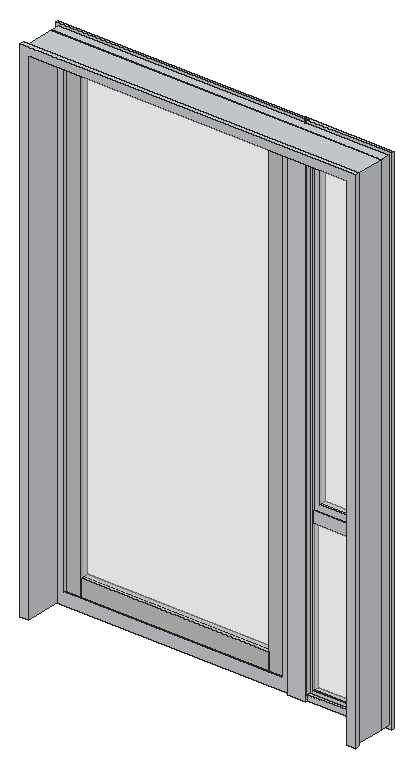
Revit family "APL Residential Thermal Heart Hinged Door with Sidelight", category Doors, host Wall, Revit 2017 (continued)
Definition of nested family "APL Residential Thermal Heart Sidelight Vertical Section"
  Definition of nested family "Sash Mullion-Transom"
    Definition of nested family "65100_Mullion&Transom"
      Lines and regions (mm)
        detail lines, in view "Ref. Level"
          curve 11: line (3.5, -27.5, 0) -> (4.5, -27.5, 0)
          curve 12: line (4.5, -27.5, 0) -> (4.5, -23, 0)
          curve 13: line (4.5, -23, 0) -> (3.5, -23, 0)
          curve 14: line (3.5, -23, 0) -> (3.5, -24.25, 0)
          curve 15: line (3.5, -24.25, 0) -> (2.208, -24.25, 0)
          curve 16: line (2.208, -24.25, 0) -> (0.482, -20.144, 0)
          curve 329: arc (0.482, 30.356, 0) -> (0.172, 30.496, 0) -> (0.009, 30.197, 0) r 0.25
          curve 330: arc (0.036, 20.309, 0) -> (0.198, 20.009, 0) -> (0.508, 20.149, 0) r 0.25
          curve 331: line (0.009, 30.197, 0) -> (1.003, 26.329, 0)
          curve 332: line (1.003, 26.329, 0) -> (0, 25.75, 0)
          curve 333: line (0, 25.75, 0) -> (0, 24.75, 0)
          curve 334: line (0, 24.75, 0) -> (1.025, 24.158, 0)
          curve 335: line (1.025, 24.158, 0) -> (0.036, 20.309, 0)
          curve 336: line (0.508, 20.149, 0) -> (2.232, 24.25, 0)
          curve 337: line (2.232, 24.25, 0) -> (3.5, 24.25, 0)
          curve 338: line (3.5, 24.25, 0) -> (3.5, 23, 0)
          curve 339: line (3.5, 23, 0) -> (4.5, 23, 0)
          curve 340: line (4.5, 23, 0) -> (4.5, 27.5, 0)
          curve 341: line (4.5, 27.5, 0) -> (3.5, 27.5, 0)
          curve 342: line (3.5, 27.5, 0) -> (3.5, 26.25, 0)
          curve 343: line (3.5, 26.25, 0) -> (2.208, 26.25, 0)
          curve 344: line (2.208, 26.25, 0) -> (0.482, 30.356, 0)
        detail lines, in view "Ref. Level", not visible
          curve 17: arc (33.161, -9.933, 0) -> (32.851, -9.793, 0) -> (32.689, -10.092, 0) r 0.25
          curve 18: arc (32.715, -19.98, 0) -> (32.877, -20.279, 0) -> (33.188, -20.139, 0) r 0.25
          curve 19: line (32.689, -10.092, 0) -> (33.683, -13.959, 0)
          curve 20: line (33.683, -13.959, 0) -> (32.679, -14.539, 0)
          curve 21: line (32.679, -14.539, 0) -> (32.679, -15.539, 0)
          curve 22: line (32.679, -15.539, 0) -> (33.705, -16.131, 0)
          curve 23: line (33.705, -16.131, 0) -> (32.715, -19.98, 0)
          curve 24: line (33.188, -20.139, 0) -> (34.912, -16.039, 0)
          curve 25: line (34.912, -16.039, 0) -> (36.179, -16.039, 0)
          curve 26: line (36.179, -16.039, 0) -> (36.179, -17.289, 0)
          curve 27: line (36.179, -17.289, 0) -> (37.179, -17.289, 0)
          curve 28: line (37.179, -17.289, 0) -> (37.179, -12.789, 0)
          curve 29: line (37.179, -12.789, 0) -> (36.179, -12.789, 0)
          curve 30: line (36.179, -12.789, 0) -> (36.179, -14.039, 0)
          curve 31: line (36.179, -14.039, 0) -> (34.887, -14.039, 0)
          curve 32: line (34.887, -14.039, 0) -> (33.161, -9.933, 0)
        model lines, in view "Ref. Level"
          curve 33: arc (-15.3, 2.874, 0) -> (-15.218, 2.477, 0) -> (-14.985, 2.146, 0) r 1
          curve 34: arc (-14.733, 1.893, 0) -> (-14.408, 1.676, 0) -> (-14.026, 1.6, 0) r 1
          curve 35: arc (-14.026, -1.6, 0) -> (-14.408, -1.676, 0) -> (-14.733, -1.893, 0) r 1
          curve 36: arc (-14.985, -2.146, 0) -> (-15.218, -2.477, 0) -> (-15.3, -2.874, 0) r 1
          curve 37: arc (-15.3, -4.45, 0) -> (-15.172, -4.668, 0) -> (-14.92, -4.663, 0) r 0.25
          curve 38: arc (-14.834, -4.611, 0) -> (-14.728, -4.479, 0) -> (-14.731, -4.309, 0) r 0.25
          curve 39: arc (-13.477, -3.544, 0) -> (-13.402, -3.511, 0) -> (-13.321, -3.5, 0) r 0.3
          curve 40: arc (-12.8, -3.5, 0) -> (-12.642, -3.578, 0) -> (-12.606, -3.75, 0) r 0.2
          curve 41: arc (-12.8, -7.753, 0) -> (-12.774, -7.875, 0) -> (-12.7, -7.976, 0) r 0.3
          curve 42: arc (-12.7, -7.976, 0) -> (-12.62, -8.307, 0) -> (-12.9, -8.5, 0) r 0.3
          curve 43: arc (-15.121, -7.957, 0) -> (-15.21, -7.905, 0) -> (-15.262, -7.816, 0) r 0.2
          curve 44: arc (-15.307, -7.648, 0) -> (-15.448, -7.507, 0) -> (-15.641, -7.559, 0) r 0.2
          curve 45: arc (-16.005, -7.922, 0) -> (-16.065, -8.008, 0) -> (-16.092, -8.108, 0) r 0.3
          curve 46: arc (-16.299, -10.474, 0) -> (-16.183, -10.738, 0) -> (-15.897, -10.782, 0) r 0.3
          curve 47: arc (-14.487, -10.268, 0) -> (-14.361, -10.181, 0) -> (-14.295, -10.043, 0) r 0.3
          curve 48: arc (-14.295, -10.043, 0) -> (-14.022, -9.801, 0) -> (-13.717, -10, 0) r 0.3
          curve 49: arc (4.1, -10, 0) -> (4.241, -10.059, 0) -> (4.3, -10.2, 0) r 0.2
          curve 50: arc (3.201, -21.5, 0) -> (2.493, -21.793, 0) -> (2.2, -22.5, 0) r 1
          curve 51: arc (2.2, -23.25, 0) -> (2.7, -23.751, 0) -> (3.2, -23.25, 0) r 0.5
          curve 52: arc (3.2, -27.251, 0) -> (2.7, -26.751, 0) -> (2.2, -27.251, 0) r 0.5
          curve 53: arc (2.2, -28.801, 0) -> (2.259, -28.942, 0) -> (2.4, -29, 0) r 0.2
          curve 54: arc (5.5, -29, 0) -> (5.641, -28.941, 0) -> (5.7, -28.8, 0) r 0.2
          curve 55: arc (5.7, 28.8, 0) -> (5.641, 28.942, 0) -> (5.5, 29, 0) r 0.2
          curve 56: arc (2.4, 29, 0) -> (2.259, 28.941, 0) -> (2.2, 28.8, 0) r 0.2
          curve 57: arc (2.2, 27.25, 0) -> (2.7, 26.749, 0) -> (3.2, 27.25, 0) r 0.5
          curve 58: arc (3.2, 23.25, 0) -> (2.7, 23.749, 0) -> (2.2, 23.25, 0) r 0.5
          curve 59: arc (2.2, 22.501, 0) -> (2.492, 21.793, 0) -> (3.2, 21.5, 0) r 1
          curve 60: arc (4.3, 10.2, 0) -> (4.241, 10.059, 0) -> (4.1, 10, 0) r 0.2
          curve 61: arc (-13.717, 10, 0) -> (-14.022, 9.801, 0) -> (-14.295, 10.043, 0) r 0.3
          curve 62: arc (-14.295, 10.043, 0) -> (-14.361, 10.181, 0) -> (-14.487, 10.268, 0) r 0.3
          curve 63: arc (-15.897, 10.782, 0) -> (-16.183, 10.738, 0) -> (-16.299, 10.474, 0) r 0.3
          curve 64: arc (-16.092, 8.108, 0) -> (-16.065, 8.008, 0) -> (-16.005, 7.922, 0) r 0.3
          curve 65: arc (-15.641, 7.559, 0) -> (-15.448, 7.507, 0) -> (-15.307, 7.648, 0) r 0.2
          curve 66: arc (-15.262, 7.816, 0) -> (-15.21, 7.905, 0) -> (-15.121, 7.957, 0) r 0.2
          curve 67: arc (-12.9, 8.5, 0) -> (-12.62, 8.307, 0) -> (-12.7, 7.976, 0) r 0.3
          curve 68: arc (-12.7, 7.976, 0) -> (-12.774, 7.875, 0) -> (-12.8, 7.753, 0) r 0.3
          curve 69: arc (-12.606, 3.75, 0) -> (-12.642, 3.578, 0) -> (-12.8, 3.5, 0) r 0.2
          curve 70: arc (-13.321, 3.5, 0) -> (-13.402, 3.511, 0) -> (-13.477, 3.544, 0) r 0.3
          curve 71: arc (-14.731, 4.309, 0) -> (-14.728, 4.479, 0) -> (-14.834, 4.611, 0) r 0.25
          curve 72: arc (-14.92, 4.663, 0) -> (-15.172, 4.668, 0) -> (-15.3, 4.45, 0) r 0.25
          curve 73: arc (-4.016, 4.146, 0) -> (-5.077, 4.139, 0) -> (-5.084, 5.2, 0) r 0.75
          curve 74: arc (-5.084, 5.2, 0) -> (-4.55, 6.5, 0) -> (-5.084, 7.8, 0) r 1.85
          curve 75: arc (-5.084, 7.8, 0) -> (-5.194, 7.942, 0) -> (-5.267, 8.107, 0) r 0.75
          curve 76: arc (-5.267, 8.107, 0) -> (-5.37, 8.291, 0) -> (-5.54, 8.416, 0) r 0.5
          curve 77: arc (-5.54, 8.416, 0) -> (-6.4, 8.6, 0) -> (-7.26, 8.416, 0) r 2.1
          curve 78: arc (-7.26, 8.416, 0) -> (-7.43, 8.291, 0) -> (-7.533, 8.107, 0) r 0.5
          curve 79: arc (-7.533, 8.107, 0) -> (-7.606, 7.942, 0) -> (-7.716, 7.8, 0) r 0.75
          curve 80: arc (-7.716, 7.8, 0) -> (-8.25, 6.5, 0) -> (-7.716, 5.2, 0) r 1.85
          curve 81: arc (-7.716, 5.2, 0) -> (-7.723, 4.139, 0) -> (-8.784, 4.146, 0) r 0.75
          curve 82: arc (-8.784, 4.146, 0) -> (-9.231, 4.709, 0) -> (-9.548, 5.354, 0) r 3.35
          curve 83: arc (-10.124, 6.937, 0) -> (-10.569, 7.194, 0) -> (-10.9, 6.8, 0) r 0.4
          curve 84: arc (-10.9, -6.8, 0) -> (-10.569, -7.194, 0) -> (-10.124, -6.937, 0) r 0.4
          curve 85: arc (-9.548, -5.354, 0) -> (-9.231, -4.709, 0) -> (-8.784, -4.146, 0) r 3.35
          curve 86: arc (-8.784, -4.146, 0) -> (-7.723, -4.139, 0) -> (-7.716, -5.2, 0) r 0.75
          curve 87: arc (-7.716, -5.2, 0) -> (-8.25, -6.5, 0) -> (-7.716, -7.8, 0) r 1.85
          curve 88: arc (-7.716, -7.8, 0) -> (-7.606, -7.942, 0) -> (-7.533, -8.107, 0) r 0.75
          curve 89: arc (-7.533, -8.107, 0) -> (-7.43, -8.291, 0) -> (-7.26, -8.416, 0) r 0.5
          curve 90: arc (-7.26, -8.416, 0) -> (-6.4, -8.6, 0) -> (-5.54, -8.416, 0) r 2.1
          curve 91: arc (-5.54, -8.416, 0) -> (-5.37, -8.291, 0) -> (-5.267, -8.107, 0) r 0.5
          curve 92: arc (-5.267, -8.107, 0) -> (-5.194, -7.942, 0) -> (-5.084, -7.8, 0) r 0.75
          curve 93: arc (-5.084, -7.8, 0) -> (-4.55, -6.5, 0) -> (-5.084, -5.2, 0) r 1.85
          curve 94: arc (-5.084, -5.2, 0) -> (-5.077, -4.139, 0) -> (-4.016, -4.146, 0) r 0.75
          curve 95: arc (-4.016, -4.146, 0) -> (-3.101, -5.916, 0) -> (-3.353, -7.892, 0) r 3.35
          curve 96: arc (-3.353, -7.892, 0) -> (-3.319, -8.37, 0) -> (-2.898, -8.6, 0) r 0.5
          curve 97: arc (3.8, -8.6, 0) -> (4.154, -8.454, 0) -> (4.3, -8.1, 0) r 0.5
          curve 98: arc (4.3, 8.1, 0) -> (4.154, 8.454, 0) -> (3.8, 8.6, 0) r 0.5
          curve 99: line (-15.3, 4.45, 0) -> (-15.3, 2.874, 0)
          curve 100: line (-14.97, 2.13, 0) -> (-14.733, 1.893, 0)
          curve 101: line (-14.026, 1.6, 0) -> (-12.8, 1.6, 0)
          curve 102: line (-12.8, 1.6, 0) -> (-12.8, -1.6, 0)
          curve 103: line (-12.8, -1.6, 0) -> (-14.026, -1.6, 0)
          curve 104: line (-14.733, -1.893, 0) -> (-14.97, -2.13, 0)
          curve 105: line (-15.3, -2.874, 0) -> (-15.3, -4.45, 0)
          curve 106: line (-14.731, -4.309, 0) -> (-13.477, -3.544, 0)
          curve 107: line (-13.477, -3.544, 0) -> (-12.8, -3.5, 0)
          curve 108: line (-12.606, -3.75, 0) -> (-12.794, -4.475, 0)
          curve 109: line (-12.794, -4.475, 0) -> (-12.8, -7.753, 0)
          curve 110: line (-13.054, -8.5, 0) -> (-15.121, -7.957, 0)
          curve 111: line (-15.121, -7.957, 0) -> (-15.307, -7.648, 0)
          curve 112: line (-15.641, -7.559, 0) -> (-16.005, -7.922, 0)
          curve 113: line (-16.092, -8.108, 0) -> (-16.299, -10.474, 0)
          curve 114: line (-15.897, -10.782, 0) -> (-14.487, -10.268, 0)
          curve 115: line (-13.717, -10, 0) -> (-6.8, -10, 0)
          curve 116: line (-6.8, -10, 0) -> (-6.4, -9.6, 0)
          curve 117: line (-6.4, -9.6, 0) -> (-6, -10, 0)
          curve 118: line (-6, -10, 0) -> (4.1, -10, 0)
          curve 119: line (4.3, -10.2, 0) -> (4.3, -21.5, 0)
          curve 120: line (4.3, -21.5, 0) -> (3.201, -21.5, 0)
          curve 121: line (2.2, -22.5, 0) -> (2.2, -23.25, 0)
          curve 122: line (3.2, -23.25, 0) -> (3.2, -22.5, 0)
          curve 123: line (3.2, -22.5, 0) -> (4.7, -22.5, 0)
          curve 124: line (4.7, -22.5, 0) -> (4.7, -28, 0)
          curve 125: line (4.7, -28, 0) -> (3.2, -28, 0)
          curve 126: line (3.2, -28, 0) -> (3.2, -27.251, 0)
          curve 127: line (2.2, -27.251, 0) -> (2.2, -28.801, 0)
          curve 128: line (2.4, -29, 0) -> (5.5, -29, 0)
          curve 129: line (5.7, -28.8, 0) -> (5.7, 28.8, 0)
          curve 130: line (5.5, 29, 0) -> (2.4, 29, 0)
          curve 131: line (2.2, 28.8, 0) -> (2.2, 27.25, 0)
          curve 132: line (3.2, 27.25, 0) -> (3.2, 28, 0)
          curve 133: line (3.2, 28, 0) -> (4.7, 28, 0)
          curve 134: line (4.7, 28, 0) -> (4.7, 22.5, 0)
          curve 135: line (4.7, 22.5, 0) -> (3.2, 22.5, 0)
          curve 136: line (3.2, 22.5, 0) -> (3.2, 23.25, 0)
          curve 137: line (2.2, 23.25, 0) -> (2.2, 22.501, 0)
          curve 138: line (3.2, 21.5, 0) -> (4.3, 21.5, 0)
          curve 139: line (4.3, 21.5, 0) -> (4.3, 10.2, 0)
          curve 140: line (4.1, 10, 0) -> (-6, 10, 0)
          curve 141: line (-6, 10, 0) -> (-6.4, 9.6, 0)
          curve 142: line (-6.4, 9.6, 0) -> (-6.8, 10, 0)
          curve 143: line (-6.8, 10, 0) -> (-13.717, 10, 0)
          curve 144: line (-14.487, 10.268, 0) -> (-15.897, 10.782, 0)
          curve 145: line (-16.299, 10.474, 0) -> (-16.092, 8.108, 0)
          curve 146: line (-16.005, 7.922, 0) -> (-15.641, 7.559, 0)
          curve 147: line (-15.307, 7.648, 0) -> (-15.262, 7.816, 0)
          curve 148: line (-15.262, 7.816, 0) -> (-13.132, 8.49, 0)
          curve 149: line (-13.132, 8.49, 0) -> (-12.9, 8.5, 0)
          curve 150: line (-12.8, 7.753, 0) -> (-12.8, 4.525, 0)
          curve 151: line (-12.8, 4.525, 0) -> (-12.606, 3.75, 0)
          curve 152: line (-12.8, 3.5, 0) -> (-13.321, 3.5, 0)
          curve 153: line (-13.321, 3.5, 0) -> (-14.731, 4.309, 0)
          curve 154: line (-9.548, 5.354, 0) -> (-10.124, 6.937, 0)
          curve 155: line (-10.9, 6.8, 0) -> (-10.9, -6.8, 0)
          curve 156: line (-10.124, -6.937, 0) -> (-9.548, -5.354, 0)
          curve 157: line (-2.898, -8.6, 0) -> (3.8, -8.6, 0)
          curve 158: line (4.3, -8.1, 0) -> (4.3, 8.1, 0)
          curve 159: line (3.8, 8.6, 0) -> (-2.898, 8.6, 0)
          curve 160: arc (-2.898, 8.6, 0) -> (-3.319, 8.37, 0) -> (-3.353, 7.892, 0) r 0.5
          curve 161: arc (-3.353, 7.892, 0) -> (-3.101, 5.916, 0) -> (-4.016, 4.146, 0) r 3.35
          curve 162: arc (-40.3, -9.8, 0) -> (-40.241, -9.941, 0) -> (-40.1, -10, 0) r 0.2
          curve 163: arc (-38.635, -9.621, 0) -> (-38.571, -9.522, 0) -> (-38.575, -9.403, 0) r 0.2
          curve 164: arc (-38.575, -9.403, 0) -> (-38.679, -9.234, 0) -> (-38.847, -9.127, 0) r 0.45
          curve 165: arc (-38.847, -9.127, 0) -> (-38.943, -9.052, 0) -> (-38.978, -8.935, 0) r 0.2
          curve 166: arc (-38.837, -1.98, 0) -> (-38.537, -1.286, 0) -> (-37.837, -1, 0) r 1
          curve 167: arc (-30.5, -1, 0) -> (-29.793, -1.293, 0) -> (-29.5, -2, 0) r 1
          curve 168: arc (-29.5, -8.173, 0) -> (-29.527, -8.272, 0) -> (-29.6, -8.345, 0) r 0.2
          curve 169: arc (-30.7, -8.98, 0) -> (-30.92, -9.2, 0) -> (-31, -9.5, 0) r 0.6
          curve 170: arc (-31, -9.8, 0) -> (-30.941, -9.942, 0) -> (-30.8, -10, 0) r 0.2
          curve 171: arc (-26.683, -10, 0) -> (-26.378, -9.801, 0) -> (-26.105, -10.043, 0) r 0.3
          curve 172: arc (-26.105, -10.043, 0) -> (-26.039, -10.181, 0) -> (-25.913, -10.268, 0) r 0.3
          curve 173: arc (-24.503, -10.782, 0) -> (-24.217, -10.738, 0) -> (-24.101, -10.474, 0) r 0.3
          curve 174: arc (-24.308, -8.108, 0) -> (-24.335, -8.008, 0) -> (-24.395, -7.922, 0) r 0.3
          curve 175: arc (-24.759, -7.559, 0) -> (-24.952, -7.507, 0) -> (-25.093, -7.648, 0) r 0.2
          curve 176: arc (-25.138, -7.816, 0) -> (-25.19, -7.905, 0) -> (-25.279, -7.957, 0) r 0.2
          curve 177: arc (-27.5, -8.5, 0) -> (-27.78, -8.307, 0) -> (-27.7, -7.976, 0) r 0.3
          curve 178: arc (-27.7, -7.976, 0) -> (-27.626, -7.875, 0) -> (-27.6, -7.753, 0) r 0.3
          curve 179: arc (-27.794, -3.75, 0) -> (-27.758, -3.578, 0) -> (-27.6, -3.5, 0) r 0.2
          curve 180: arc (-27.079, -3.5, 0) -> (-26.998, -3.511, 0) -> (-26.923, -3.544, 0) r 0.3
          curve 181: arc (-25.669, -4.309, 0) -> (-25.672, -4.479, 0) -> (-25.566, -4.611, 0) r 0.25
          curve 182: arc (-25.48, -4.663, 0) -> (-25.228, -4.668, 0) -> (-25.1, -4.45, 0) r 0.25
          curve 183: arc (-25.1, -2.874, 0) -> (-25.182, -2.477, 0) -> (-25.415, -2.146, 0) r 1
          curve 184: arc (-25.667, -1.893, 0) -> (-25.992, -1.676, 0) -> (-26.374, -1.6, 0) r 1
          curve 185: arc (-26.377, 1.6, 0) -> (-25.993, 1.676, 0) -> (-25.667, 1.893, 0) r 1
          curve 186: arc (-25.415, 2.146, 0) -> (-25.182, 2.477, 0) -> (-25.1, 2.874, 0) r 1
          curve 187: arc (-25.1, 4.45, 0) -> (-25.227, 4.668, 0) -> (-25.48, 4.663, 0) r 0.25
          curve 188: arc (-25.566, 4.611, 0) -> (-25.672, 4.479, 0) -> (-25.669, 4.309, 0) r 0.25
          curve 189: arc (-26.923, 3.544, 0) -> (-26.998, 3.511, 0) -> (-27.079, 3.5, 0) r 0.3
          curve 190: arc (-27.6, 3.5, 0) -> (-27.758, 3.578, 0) -> (-27.794, 3.75, 0) r 0.2
          curve 191: arc (-27.6, 7.753, 0) -> (-27.626, 7.875, 0) -> (-27.7, 7.976, 0) r 0.3
          curve 192: arc (-27.7, 7.976, 0) -> (-27.78, 8.307, 0) -> (-27.5, 8.5, 0) r 0.3
          curve 193: arc (-25.279, 7.957, 0) -> (-25.19, 7.905, 0) -> (-25.138, 7.816, 0) r 0.2
          curve 194: arc (-25.093, 7.648, 0) -> (-24.952, 7.507, 0) -> (-24.759, 7.559, 0) r 0.2
          curve 195: arc (-24.395, 7.922, 0) -> (-24.335, 8.008, 0) -> (-24.308, 8.108, 0) r 0.3
          curve 196: arc (-24.101, 10.474, 0) -> (-24.217, 10.738, 0) -> (-24.503, 10.782, 0) r 0.3
          curve 197: arc (-25.913, 10.268, 0) -> (-26.039, 10.181, 0) -> (-26.105, 10.043, 0) r 0.3
          curve 198: arc (-26.105, 10.043, 0) -> (-26.378, 9.801, 0) -> (-26.683, 10, 0) r 0.3
          curve 199: arc (-30.8, 10, 0) -> (-30.941, 9.942, 0) -> (-31, 9.8, 0) r 0.2
          curve 200: arc (-31, 9.5, 0) -> (-30.92, 9.2, 0) -> (-30.7, 8.98, 0) r 0.6
          curve 201: arc (-29.6, 8.345, 0) -> (-29.527, 8.272, 0) -> (-29.5, 8.172, 0) r 0.2
          curve 202: arc (-29.5, 2, 0) -> (-29.793, 1.293, 0) -> (-30.5, 1, 0) r 1
          curve 203: arc (-37.837, 1, 0) -> (-38.537, 1.286, 0) -> (-38.837, 1.98, 0) r 1
          curve 204: arc (-38.978, 8.935, 0) -> (-38.943, 9.052, 0) -> (-38.847, 9.127, 0) r 0.2
          curve 205: arc (-38.847, 9.127, 0) -> (-38.679, 9.234, 0) -> (-38.575, 9.403, 0) r 0.45
          curve 206: arc (-38.575, 9.403, 0) -> (-38.571, 9.522, 0) -> (-38.635, 9.621, 0) r 0.2
          curve 207: arc (-40.1, 10, 0) -> (-40.241, 9.941, 0) -> (-40.3, 9.8, 0) r 0.2
          curve 208: line (-40.3, 9.8, 0) -> (-40.3, 0, 0)
          curve 209: line (-40.3, 0, 0) -> (-40.3, -9.8, 0)
          curve 210: line (-40.1, -10, 0) -> (-39.159, -10, 0)
          curve 211: line (-39.159, -10, 0) -> (-38.635, -9.621, 0)
          curve 212: line (-38.978, -8.935, 0) -> (-38.837, -1.98, 0)
          curve 213: line (-37.837, -1, 0) -> (-30.5, -1, 0)
          curve 214: line (-29.5, -2, 0) -> (-29.5, -8.173, 0)
          curve 215: line (-29.6, -8.345, 0) -> (-30.7, -8.98, 0)
          curve 216: line (-31, -9.5, 0) -> (-31, -9.8, 0)
          curve 217: line (-30.8, -10, 0) -> (-26.683, -10, 0)
          curve 218: line (-25.913, -10.268, 0) -> (-24.503, -10.782, 0)
          curve 219: line (-24.101, -10.474, 0) -> (-24.308, -8.108, 0)
          curve 220: line (-24.395, -7.922, 0) -> (-24.759, -7.559, 0)
          curve 221: line (-25.093, -7.648, 0) -> (-25.138, -7.816, 0)
          curve 222: line (-25.138, -7.816, 0) -> (-27.268, -8.49, 0)
          curve 223: line (-27.268, -8.49, 0) -> (-27.5, -8.5, 0)
          curve 224: line (-27.6, -7.753, 0) -> (-27.6, -4.525, 0)
          curve 225: line (-27.6, -4.525, 0) -> (-27.794, -3.75, 0)
          curve 226: line (-27.6, -3.5, 0) -> (-27.079, -3.5, 0)
          curve 227: line (-27.079, -3.5, 0) -> (-25.669, -4.309, 0)
          curve 228: line (-25.1, -4.45, 0) -> (-25.1, -2.874, 0)
          curve 229: line (-25.43, -2.13, 0) -> (-25.667, -1.893, 0)
          curve 230: line (-26.374, -1.6, 0) -> (-27.6, -1.6, 0)
          curve 231: line (-27.6, -1.6, 0) -> (-27.6, 0, 0)
          curve 232: line (-27.6, 0, 0) -> (-27.6, 1.6, 0)
          curve 233: line (-27.6, 1.6, 0) -> (-26.377, 1.6, 0)
          curve 234: line (-25.667, 1.893, 0) -> (-25.43, 2.13, 0)
          curve 235: line (-25.1, 2.874, 0) -> (-25.1, 4.45, 0)
          curve 236: line (-25.669, 4.309, 0) -> (-26.923, 3.544, 0)
          curve 237: line (-26.923, 3.544, 0) -> (-27.6, 3.5, 0)
          curve 238: line (-27.794, 3.75, 0) -> (-27.606, 4.475, 0)
          curve 239: line (-27.606, 4.475, 0) -> (-27.6, 7.753, 0)
          curve 240: line (-27.346, 8.5, 0) -> (-25.279, 7.957, 0)
          curve 241: line (-25.279, 7.957, 0) -> (-25.093, 7.648, 0)
          curve 242: line (-24.759, 7.559, 0) -> (-24.395, 7.922, 0)
          curve 243: line (-24.308, 8.108, 0) -> (-24.101, 10.474, 0)
          curve 244: line (-24.503, 10.782, 0) -> (-25.913, 10.268, 0)
          curve 245: line (-26.683, 10, 0) -> (-30.8, 10, 0)
          curve 246: line (-31, 9.8, 0) -> (-31, 9.5, 0)
          curve 247: line (-30.7, 8.98, 0) -> (-29.6, 8.345, 0)
          curve 248: line (-29.5, 8.172, 0) -> (-29.5, 2, 0)
          curve 249: line (-30.5, 1, 0) -> (-37.837, 1, 0)
          curve 250: line (-38.837, 1.98, 0) -> (-38.978, 8.935, 0)
          curve 251: line (-38.635, 9.621, 0) -> (-39.031, 9.953, 0)
          curve 252: line (-39.031, 9.953, 0) -> (-40.1, 10, 0)
          curve 253: arc (-27.6, 4.4, 0) -> (-27.483, 4.117, 0) -> (-27.2, 4, 0) r 0.4
          curve 254: arc (-26.907, 4, 0) -> (-26.804, 4.014, 0) -> (-26.707, 4.054, 0) r 0.4
          curve 255: arc (-25.179, 4.939, 0) -> (-24.889, 5.059, 0) -> (-24.578, 5.1, 0) r 1.2
          curve 256: arc (-23.655, 5.1, 0) -> (-23.082, 5.281, 0) -> (-22.716, 5.758, 0) r 1
          curve 257: arc (-21.923, 7.937, 0) -> (-21.776, 8.128, 0) -> (-21.547, 8.2, 0) r 0.4
          curve 258: arc (-18.853, 8.2, 0) -> (-18.624, 8.128, 0) -> (-18.477, 7.937, 0) r 0.4
          curve 259: arc (-17.684, 5.758, 0) -> (-17.318, 5.281, 0) -> (-16.745, 5.1, 0) r 1
          curve 260: arc (-15.822, 5.1, 0) -> (-15.511, 5.059, 0) -> (-15.221, 4.939, 0) r 1.2
          curve 261: arc (-13.693, 4.054, 0) -> (-13.596, 4.014, 0) -> (-13.493, 4, 0) r 0.4
          curve 262: arc (-13.2, 4, 0) -> (-12.917, 4.117, 0) -> (-12.8, 4.4, 0) r 0.4
          curve 263: arc (-12.8, 7.8, 0) -> (-12.917, 8.083, 0) -> (-13.2, 8.2, 0) r 0.4
          curve 264: arc (-13.493, 8.2, 0) -> (-13.596, 8.186, 0) -> (-13.693, 8.146, 0) r 0.4
          curve 265: arc (-15.221, 7.261, 0) -> (-15.515, 7.14, 0) -> (-15.83, 7.1, 0) r 1.2
          curve 266: arc (-15.83, 7.1, 0) -> (-16.005, 7.153, 0) -> (-16.116, 7.297, 0) r 0.3
          curve 267: arc (-17.004, 9.737, 0) -> (-17.151, 9.928, 0) -> (-17.38, 10, 0) r 0.4
          curve 268: arc (-23.02, 10, 0) -> (-23.249, 9.928, 0) -> (-23.396, 9.737, 0) r 0.4
          curve 269: arc (-24.284, 7.297, 0) -> (-24.395, 7.153, 0) -> (-24.57, 7.1, 0) r 0.3
          curve 270: arc (-24.57, 7.1, 0) -> (-24.885, 7.14, 0) -> (-25.179, 7.261, 0) r 1.2
          curve 271: arc (-26.707, 8.146, 0) -> (-26.804, 8.186, 0) -> (-26.907, 8.2, 0) r 0.4
          curve 272: arc (-27.2, 8.2, 0) -> (-27.483, 8.083, 0) -> (-27.6, 7.8, 0) r 0.4
          curve 273: line (-27.2, 4, 0) -> (-26.907, 4, 0)
          curve 274: line (-26.707, 4.054, 0) -> (-25.179, 4.939, 0)
          curve 275: line (-24.578, 5.1, 0) -> (-23.655, 5.1, 0)
          curve 276: line (-22.716, 5.758, 0) -> (-21.923, 7.937, 0)
          curve 277: line (-21.547, 8.2, 0) -> (-18.853, 8.2, 0)
          curve 278: line (-18.477, 7.937, 0) -> (-17.684, 5.758, 0)
          curve 279: line (-16.745, 5.1, 0) -> (-15.822, 5.1, 0)
          curve 280: line (-15.221, 4.939, 0) -> (-13.693, 4.054, 0)
          curve 281: line (-13.493, 4, 0) -> (-13.2, 4, 0)
          curve 282: line (-12.8, 4.4, 0) -> (-12.8, 7.8, 0)
          curve 283: line (-13.2, 8.2, 0) -> (-13.493, 8.2, 0)
          curve 284: line (-13.693, 8.146, 0) -> (-15.221, 7.261, 0)
          curve 285: line (-16.116, 7.297, 0) -> (-17.004, 9.737, 0)
          curve 286: line (-17.38, 10, 0) -> (-23.02, 10, 0)
          curve 287: line (-23.396, 9.737, 0) -> (-24.284, 7.297, 0)
          curve 288: line (-25.179, 7.261, 0) -> (-26.707, 8.146, 0)
          curve 289: line (-26.907, 8.2, 0) -> (-27.2, 8.2, 0)
          curve 290: line (-27.6, 7.8, 0) -> (-27.6, 4.4, 0)
          curve 291: arc (-27.6, -4.4, 0) -> (-27.483, -4.117, 0) -> (-27.2, -4, 0) r 0.4
          curve 292: arc (-26.907, -4, 0) -> (-26.804, -4.014, 0) -> (-26.707, -4.054, 0) r 0.4
          curve 293: arc (-25.179, -4.939, 0) -> (-24.889, -5.059, 0) -> (-24.578, -5.1, 0) r 1.2
          curve 294: arc (-23.655, -5.1, 0) -> (-23.082, -5.281, 0) -> (-22.716, -5.758, 0) r 1
          curve 295: arc (-21.923, -7.937, 0) -> (-21.776, -8.128, 0) -> (-21.547, -8.2, 0) r 0.4
          curve 296: arc (-18.853, -8.2, 0) -> (-18.624, -8.128, 0) -> (-18.477, -7.937, 0) r 0.4
          curve 297: arc (-17.684, -5.758, 0) -> (-17.318, -5.281, 0) -> (-16.745, -5.1, 0) r 1
          curve 298: arc (-15.822, -5.1, 0) -> (-15.511, -5.059, 0) -> (-15.221, -4.939, 0) r 1.2
          curve 299: arc (-13.693, -4.054, 0) -> (-13.596, -4.014, 0) -> (-13.493, -4, 0) r 0.4
          curve 300: arc (-13.2, -4, 0) -> (-12.917, -4.117, 0) -> (-12.8, -4.4, 0) r 0.4
          curve 301: arc (-12.8, -7.8, 0) -> (-12.917, -8.083, 0) -> (-13.2, -8.2, 0) r 0.4
          curve 302: arc (-13.493, -8.2, 0) -> (-13.596, -8.186, 0) -> (-13.693, -8.146, 0) r 0.4
          curve 303: arc (-15.221, -7.261, 0) -> (-15.515, -7.14, 0) -> (-15.83, -7.1, 0) r 1.2
          curve 304: arc (-15.83, -7.1, 0) -> (-16.005, -7.153, 0) -> (-16.116, -7.297, 0) r 0.3
          curve 305: arc (-17.004, -9.737, 0) -> (-17.151, -9.928, 0) -> (-17.38, -10, 0) r 0.4
          curve 306: arc (-23.02, -10, 0) -> (-23.249, -9.928, 0) -> (-23.396, -9.737, 0) r 0.4
          curve 307: arc (-24.284, -7.297, 0) -> (-24.395, -7.153, 0) -> (-24.57, -7.1, 0) r 0.3
          curve 308: arc (-24.57, -7.1, 0) -> (-24.885, -7.14, 0) -> (-25.179, -7.261, 0) r 1.2
          curve 309: arc (-26.707, -8.146, 0) -> (-26.804, -8.186, 0) -> (-26.907, -8.2, 0) r 0.4
          curve 310: arc (-27.2, -8.2, 0) -> (-27.483, -8.083, 0) -> (-27.6, -7.8, 0) r 0.4
          curve 311: line (-27.2, -4, 0) -> (-26.907, -4, 0)
          curve 312: line (-26.707, -4.054, 0) -> (-25.179, -4.939, 0)
          curve 313: line (-24.578, -5.1, 0) -> (-23.655, -5.1, 0)
          curve 314: line (-22.716, -5.758, 0) -> (-21.923, -7.937, 0)
          curve 315: line (-21.547, -8.2, 0) -> (-18.853, -8.2, 0)
          curve 316: line (-18.477, -7.937, 0) -> (-17.684, -5.758, 0)
          curve 317: line (-16.745, -5.1, 0) -> (-15.822, -5.1, 0)
          curve 318: line (-15.221, -4.939, 0) -> (-13.693, -4.054, 0)
          curve 319: line (-13.493, -4, 0) -> (-13.2, -4, 0)
          curve 320: line (-12.8, -4.4, 0) -> (-12.8, -7.8, 0)
          curve 321: line (-13.2, -8.2, 0) -> (-13.493, -8.2, 0)
          curve 322: line (-13.693, -8.146, 0) -> (-15.221, -7.261, 0)
          curve 323: line (-16.116, -7.297, 0) -> (-17.004, -9.737, 0)
          curve 324: line (-17.38, -10, 0) -> (-23.02, -10, 0)
          curve 325: line (-23.396, -9.737, 0) -> (-24.284, -7.297, 0)
          curve 326: line (-25.179, -7.261, 0) -> (-26.707, -8.146, 0)
          curve 327: line (-26.907, -8.2, 0) -> (-27.2, -8.2, 0)
          curve 328: line (-27.6, -7.8, 0) -> (-27.6, -4.4, 0)
      Text (mm)
        text "65100" at (-45.773, 28.066, 0), in view "Ref. Level"
Definition of nested family "APL Residential Thermal Heart Hinged Door with Sidelight Open Out Horizontal Section"
  Parameters (values of type "Groove")
    Sidelight Length [instance] = 400.439 mm
    Liner End [instance] = 10 mm
    Liner Block = Liner : Liner
    Liner [instance] = 100 mm
    Jamb Liner 2 = yes
    Jamb Liner 1 = yes
    Groove [instance] = 10 mm
    Glass Length 1 [instance] = (Box Width - Sidelight Length) - 255 mm  # 744.561 mm
    Glass Length [instance] = Sidelight Length - 123 mm  # 277.439 mm
    Box Width [instance] = 1400 mm
    90 [instance] = yes
    45 [instance] = yes
  Types (2, lengths in mm): name | Liner Block
    Groove | Liner : Liner
    No Groove | Liner No Groove : Liner No Groove
  Reference planes
    plane 1 "Center (Front/Back)": y = 14.873
    plane 2: z = 0
    plane 3 "Center (Left/Right)": x = -408.614
    plane 4: x = -1408.174
    plane 5: x = -8.174
    plane 6: y = 60.873
    plane 7: y = 60.873
    plane 8: x = -0.674
    plane 9: y = 19.873
    plane 10: x = -908.394
  Dimensions and locks
    "Liner": plane 7 to nested 1
    "Liner": nested 2 to plane 6
    locked: plane 5 to plane 8 at 7.5
    locked: plane 4 to nested 3 at 116.35
    "Box Width": plane 4 to plane 5
    plane 9 to plane 1 "Center (Front/Back)" = 5 mm
    "Sidelight Length": plane 3 "Center (Left/Right)" to plane 5
    equal spacing: plane 4, plane 10, plane 3 "Center (Left/Right)"
    nested 7 to plane 3 "Center (Left/Right)" to nested 7 = 43.55 mm locked, 43.55 mm locked
    locked: nested 7 to nested 8 at 6
    locked: nested 6 to nested 5 at 6
    locked: nested 6 to plane 5 at 51
    nested 4 to plane 3 "Center (Left/Right)" to nested 8 = 137.878 mm locked, 72.5 mm locked
    locked: nested 4 to nested 7 at 6.328
    locked: nested 9 to nested 3 at 6.3
    locked: nested 1 to nested 9 at 32.7
    locked: nested 5 to nested 2 at 14.6
    aligned and locked: plane 5 to nested 5
  Nested families
    nested 1: "Liner" at (-1387.874, 60.873, 0) x (0, 1, 0) z (0, 0, 1), type <- "Liner Block", End Liner <- "Liner End", Groove <- "Groove", visible <- "Jamb Liner 2", type "Liner", in view "Ref. Level", detail levels fine
      with built-in parameter 1001306 0.32808 (stored number, unit not read)
    nested 2: "Liner" at (-28.574, 60.873, 0) x (0, 1, 0) z (0, 0, 1), visible <- "Jamb Liner 2", type <- "Liner Block", type "Liner", in view "Ref. Level", detail levels fine
      with built-in parameter 1001306 0.32808 (stored number, unit not read)
    nested 3: "Glazing Bead" at (-1291.824, 16.913, 0) x (0, 1, 0) z (0, 0, 1), Glass Lenght <- "Glass Length 1", type "DG", in view "Ref. Level", detail levels fine
      with Glass Lenght 744.561 mm
    nested 4: "Glazing Bead" at (-546.491, 16.913, 0) x (0, 1, 0) z (0, 0, 1), Glass Lenght <- "Glass Length 1", type "DG", in view "Ref. Level", detail levels fine
      with Glass Lenght 744.561 mm
    nested 5: "Frame Sash" at (-59.674, 7.673, 0) x (0, 1, 0) z (0, 0, 1), type "Frame Sash", in view "Ref. Level", detail levels fine
    nested 6: "Glass" at (-59.174, 8.673, 0) x (0, 1, 0) z (0, 0, 1), Glass Lenght <- "Glass Length", type "Glass", in view "Ref. Level", detail levels fine
      with Glass Lenght 277.439 mm
    nested 7: "Coupling Bar" at (-408.614, 5.969, 0), type "Coupling Bar", in view "Ref. Level", detail levels fine
    nested 8: "Glass" at (-336.114, 8.673, 0) x (0, 1, 0) z (0, 0, 1), Glass Lenght <- "Glass Length", type "Glass", in view "Ref. Level", detail levels fine
      with Glass Lenght 277.439 mm
    nested 9: "Open Out Jamb" at (-1408.174, 14.873, 0), type "Jamb", in view "Ref. Level", detail levels fine
  Definition of nested family "Liner"
    Parameters (values of type "Liner")
      Type Image = (empty or 0)
      built-in parameter 1001306 [instance] = 100 mm
      Groove [instance] = 10 mm
      End Liner [instance] = 10 mm
    Reference planes
      plane 1 "Center (Front/Back)": y = 0
      plane 2: z = 0
      plane 3 "Left": x = 0
      plane 4 "Right": x = 100
    Lines and regions (mm)
      Filled region 1, type "Brick", in view "Ref. Level"
        outline origin (0, 0, 0) x (1, 0, 0) y (0, 1, 0)
          loop
            line (0, 0) -> (120, 0) -> (120, 19) -> (110, 19) -> (110, 13.435) -> (100, 13.435) -> (100, 19) -> (0, 19) -> (0, 0)
      reference lines, in view "Ref. Level"
        curve 1: line (0, 0, 0) -> (100, 0, 0)
      detail lines, in view "Ref. Level", detail levels fine
        curve 2: line (100, 0, 0) -> (0, 0, 0)
    Dimensions and locks
      "built-in parameter 1001306": plane 3 "Left" to plane 4 "Right"
      locked: Filled region 1 to curve 2 at 19
      "Groove": plane 4 "Right" to Filled region 1
      "End Liner": Filled region 1 to Filled region 1
      aligned and locked: plane 1 "Center (Front/Back)" to curve 1
      aligned and locked: plane 3 "Left" to curve 1
      aligned and locked: plane 4 "Right" to curve 1
      aligned and locked: curve 1 to Filled region 1
      aligned and locked: plane 1 "Center (Front/Back)" to Filled region 1
      aligned and locked: Filled region 1 to plane 3 "Left"
    Automatic sketch dimensions
      curve 2 to plane 4 "Right" = 0 mm
      Filled region 1 sketch curve to plane 3 "Left" = 0 mm
      Filled region 1 sketch curve to plane 4 "Right" = 0 mm
      Filled region 1 sketch curve to Filled region 1 sketch curve = 10 mm  (x2)
      Filled region 1 sketch curve to plane 1 "Center (Front/Back)" = 0 mm
      Filled region 1 sketch curve to plane 1 "Center (Front/Back)" = 13.435 mm
      Filled region 1 sketch curve to Filled region 1 sketch curve = 5.565 mm  (x2)
      curve 2 to plane 3 "Left" = 0 mm
  Definition of nested family "Glazing Bead"
    Parameters (values of type "Glazing Bead")
      Glass Lenght [instance] = 50 mm
    Reference planes
      plane 1 "Center (Front/Back)": y = 0
      plane 2: z = 0
      plane 3 "Center (Left/Right)": x = 0
      plane 4: y = -50
    Lines and regions (mm)
      Filled region 1, type "Solid Fill - Black", in view "Ref. Level"
        outline origin (0, 0, 0) x (1, 0, 0) y (0, 1, 0)
          loop
            line (4, 0) -> (4, -12) -> (20, -12) -> (20, 0) -> (4, 0)
      model lines, in view "Ref. Level"
        curve 1: line (4, -12, 0) -> (20, -12, 0)
        curve 2: line (0, -50, 0) -> (0, 0, 0)
        curve 3: line (0, 0, 0) -> (24, 0, 0)
        curve 4: line (24, 0, 0) -> (24, -50, 0)
        curve 5: line (20, 0, 0) -> (20, -50, 0)
        curve 6: line (4, 0, 0) -> (4, -50, 0)
      detail lines, in view "Ref. Level"
        curve 7: arc (-0.25, -4.9, 0) -> (0, -5.15, 0) -> (-0.25, -5.4, 0) r 0.25
        curve 8: arc (-0.25, -8.45, 0) -> (0, -8.7, 0) -> (-0.25, -8.95, 0) r 0.25
        curve 9: arc (-0.25, -9.619, 0) -> (0, -9.869, 0) -> (-0.25, -10.119, 0) r 0.25
        curve 10: arc (-0.25, -10.787, 0) -> (0, -11.037, 0) -> (-0.25, -11.287, 0) r 0.25
        curve 11: line (-0.25, -12.456, 0) -> (-1, -12.456, 0)
        curve 12: line (-1, -12.456, 0) -> (-1, -8.45, 0)
        curve 13: line (-1, -8.45, 0) -> (-2.2, -8.45, 0)
        curve 14: line (-2.2, -8.45, 0) -> (-2.2, -9.2, 0)
        curve 15: line (-2.2, -9.2, 0) -> (-2.8, -9.2, 0)
        curve 16: line (-2.8, -9.2, 0) -> (-2.8, -6.1, 0)
        curve 17: line (-2.8, -6.1, 0) -> (-2.2, -6.1, 0)
        curve 18: line (-2.2, -6.1, 0) -> (-2.2, -6.85, 0)
        curve 19: line (-2.2, -6.85, 0) -> (-1, -6.85, 0)
        curve 20: line (-1, -6.85, 0) -> (-1, -4.9, 0)
        curve 21: line (-1, -4.9, 0) -> (-0.25, -4.9, 0)
        curve 22: line (-0.25, -5.4, 0) -> (-0.25, -8.45, 0)
        curve 23: line (-0.25, -8.95, 0) -> (-0.25, -9.619, 0)
        curve 24: line (-0.25, -10.119, 0) -> (-0.25, -10.787, 0)
        curve 25: line (-0.25, -11.287, 0) -> (-0.25, -11.956, 0)
        curve 26: arc (-0.25, -11.956, 0) -> (0, -12.206, 0) -> (-0.25, -12.456, 0) r 0.25
      detail lines, in view "Ref. Level", not visible
        curve 27: arc (-0.25, -4.9, 0) -> (0, -5.15, 0) -> (-0.25, -5.4, 0) r 0.25
        curve 28: arc (-0.25, -8.45, 0) -> (0, -8.7, 0) -> (-0.25, -8.95, 0) r 0.25
        curve 29: arc (-0.25, -9.619, 0) -> (0, -9.869, 0) -> (-0.25, -10.119, 0) r 0.25
        curve 30: arc (-0.25, -10.787, 0) -> (0, -11.037, 0) -> (-0.25, -11.287, 0) r 0.25
        curve 31: line (-0.25, -12.456, 0) -> (-1, -12.456, 0)
        curve 32: line (-1, -12.456, 0) -> (-1, -8.45, 0)
        curve 33: line (-1, -8.45, 0) -> (-2.2, -8.45, 0)
        curve 34: line (-2.2, -8.45, 0) -> (-2.2, -9.2, 0)
        curve 35: line (-2.2, -9.2, 0) -> (-2.8, -9.2, 0)
        curve 36: line (-2.8, -9.2, 0) -> (-2.8, -6.1, 0)
        curve 37: line (-2.8, -6.1, 0) -> (-2.2, -6.1, 0)
        curve 38: line (-2.2, -6.1, 0) -> (-2.2, -6.85, 0)
        curve 39: line (-2.2, -6.85, 0) -> (-1, -6.85, 0)
        curve 40: line (-1, -6.85, 0) -> (-1, -4.9, 0)
        curve 41: line (-1, -4.9, 0) -> (-0.25, -4.9, 0)
        curve 42: line (-0.25, -5.4, 0) -> (-0.25, -8.45, 0)
        curve 43: line (-0.25, -8.95, 0) -> (-0.25, -9.619, 0)
        curve 44: line (-0.25, -10.119, 0) -> (-0.25, -10.787, 0)
        curve 45: line (-0.25, -11.287, 0) -> (-0.25, -11.956, 0)
        curve 46: arc (-0.25, -11.956, 0) -> (0, -12.206, 0) -> (-0.25, -12.456, 0) r 0.25
        curve 47: arc (62.983, -3.041, 0) -> (62.673, -2.901, 0) -> (62.511, -3.2, 0) r 0.25
        curve 48: arc (62.537, -13.088, 0) -> (62.7, -13.387, 0) -> (63.01, -13.247, 0) r 0.25
        curve 49: line (62.511, -3.2, 0) -> (63.505, -7.068, 0)
        curve 50: line (63.505, -7.068, 0) -> (62.502, -7.647, 0)
        curve 51: line (62.502, -7.647, 0) -> (62.502, -8.647, 0)
        curve 52: line (62.502, -8.647, 0) -> (63.527, -9.239, 0)
        curve 53: line (63.527, -9.239, 0) -> (62.537, -13.088, 0)
        curve 54: line (63.01, -13.247, 0) -> (64.734, -9.147, 0)
        curve 55: line (64.734, -9.147, 0) -> (66.002, -9.147, 0)
        curve 56: line (66.002, -9.147, 0) -> (66.002, -10.397, 0)
        curve 57: line (66.002, -10.397, 0) -> (67.002, -10.397, 0)
        curve 58: line (67.002, -10.397, 0) -> (67.002, -5.897, 0)
        curve 59: line (67.002, -5.897, 0) -> (66.002, -5.897, 0)
        curve 60: line (66.002, -5.897, 0) -> (66.002, -7.147, 0)
        curve 61: line (66.002, -7.147, 0) -> (64.71, -7.147, 0)
        curve 62: line (64.71, -7.147, 0) -> (62.983, -3.041, 0)
    Dimensions and locks
      "Glass Lenght": plane 1 "Center (Front/Back)" to plane 4
      aligned and locked: plane 4 to curve 2
      aligned and locked: plane 1 "Center (Front/Back)" to Filled region 1 sketch curve
      aligned and locked: Filled region 1 sketch curve to curve 6
      aligned and locked: Filled region 1 sketch curve to curve 1
      aligned and locked: Filled region 1 sketch curve to curve 5
    Automatic sketch dimensions
      plane 1 "Center (Front/Back)" to curve 2 = 0 mm
      curve 2 to plane 3 "Center (Left/Right)" = 0 mm
      curve 6 to plane 4 = 0 mm
      curve 5 to plane 4 = 0 mm
      curve 4 to plane 4 = 0 mm
      curve 5 to curve 3 = 4 mm
      plane 3 "Center (Left/Right)" to curve 1 = 4 mm
      curve 6 to curve 5 = 16 mm
      plane 1 "Center (Front/Back)" to curve 1 = 12 mm
    Nested families
      nested 1: "65015_Bead" at (-15.5, 6.328, 0), type "65015_Bead", in view "Ref. Level"
    Definition of nested family "65015_Bead"
      Reference planes
        plane 1 "Center (Front/Back)": y = 0
        plane 2: z = 0
        plane 3 "Center (Left/Right)": x = 0
      Lines and regions (mm)
        model lines, in view "Ref. Level"
          curve 1: arc (13.5, 12.78, 0) -> (13.558, 12.92, 0) -> (13.698, 12.978, 0) r 0.198
          curve 2: arc (14.302, 12.978, 0) -> (14.442, 12.918, 0) -> (14.5, 12.777, 0) r 0.201
          curve 3: arc (14.5, 10.175, 0) -> (14.442, 10.036, 0) -> (14.302, 9.978, 0) r 0.198
          curve 4: arc (13.698, 9.978, 0) -> (13.558, 10.036, 0) -> (13.5, 10.175, 0) r 0.198
          curve 5: arc (13.5, 11.027, 0) -> (13.442, 11.169, 0) -> (13.3, 11.228, 0) r 0.2
          curve 6: arc (12.7, 11.228, 0) -> (11.851, 11.579, 0) -> (11.5, 12.428, 0) r 1.2
          curve 7: arc (11.5, 13.628, 0) -> (11.377, 13.813, 0) -> (11.159, 13.769, 0) r 0.2
          curve 8: arc (1.546, 4.157, 0) -> (1.438, 3.995, 0) -> (1.4, 3.804, 0) r 0.5
          curve 9: arc (1.4, 1.817, 0) -> (1.467, 1.567, 0) -> (1.65, 1.384, 0) r 0.5
          curve 10: arc (10.675, -3.827, 0) -> (10.913, -4.714, 0) -> (10.025, -4.952, 0) r 0.65
          curve 11: arc (3.306, -1.073, 0) -> (2.928, -1.023, 0) -> (2.624, -1.254, 0) r 0.5
          curve 12: arc (2.587, -2.129, 0) -> (2.248, -2.45, 0) -> (1.791, -2.352, 0) r 0.5
          curve 13: arc (1.518, -2.123, 0) -> (1.466, -2.054, 0) -> (1.447, -1.97, 0) r 0.2
          curve 14: arc (1.447, -1.115, 0) -> (1.476, -1.011, 0) -> (1.555, -0.938, 0) r 0.2
          curve 15: arc (1.555, -0.938, 0) -> (1.717, -0.809, 0) -> (1.82, -0.63, 0) r 0.55
          curve 16: arc (1.82, -0.63, 0) -> (1.825, -0.452, 0) -> (1.729, -0.302, 0) r 0.3
          curve 17: arc (0.2, 0, 0) -> (0.059, 0.059, 0) -> (0, 0.2, 0) r 0.2
          curve 18: arc (0, 4.383, 0) -> (0.038, 4.575, 0) -> (0.146, 4.737, 0) r 0.5
          curve 19: arc (14.159, 18.749, 0) -> (14.377, 18.792, 0) -> (14.5, 18.608, 0) r 0.2
          curve 20: arc (14.5, 15.172, 0) -> (14.442, 15.034, 0) -> (14.303, 14.978, 0) r 0.194
          curve 21: arc (13.698, 14.978, 0) -> (13.559, 15.038, 0) -> (13.5, 15.177, 0) r 0.203
          curve 22: arc (13.5, 15.528, 0) -> (13.441, 15.669, 0) -> (13.3, 15.728, 0) r 0.201
          curve 23: arc (12.7, 15.728, 0) -> (12.559, 15.669, 0) -> (12.5, 15.528, 0) r 0.2
          curve 24: arc (12.5, 12.428, 0) -> (12.559, 12.286, 0) -> (12.7, 12.228, 0) r 0.2
          curve 25: line (13.5, 12.428, 0) -> (13.5, 12.78, 0)
          curve 26: line (13.698, 12.978, 0) -> (14.302, 12.978, 0)
          curve 27: line (14.5, 12.777, 0) -> (14.5, 10.175, 0)
          curve 28: line (14.302, 9.978, 0) -> (13.698, 9.978, 0)
          curve 29: line (13.5, 10.175, 0) -> (13.5, 11.027, 0)
          curve 30: line (13.3, 11.228, 0) -> (12.7, 11.228, 0)
          curve 31: line (11.5, 12.428, 0) -> (11.5, 13.628, 0)
          curve 32: line (11.159, 13.769, 0) -> (1.546, 4.157, 0)
          curve 33: line (1.4, 3.804, 0) -> (1.4, 1.817, 0)
          curve 34: line (1.65, 1.384, 0) -> (10.675, -3.827, 0)
          curve 35: line (10.025, -4.952, 0) -> (3.306, -1.073, 0)
          curve 36: line (2.597, -1.355, 0) -> (2.597, -2.065, 0)
          curve 37: line (1.791, -2.352, 0) -> (1.518, -2.123, 0)
          curve 38: line (1.518, -2.123, 0) -> (1.447, -1.115, 0)
          curve 39: line (1.729, -0.302, 0) -> (1.425, -0.047, 0)
          curve 40: line (1.425, -0.047, 0) -> (0.2, 0, 0)
          curve 41: line (0, 0.2, 0) -> (0, 4.383, 0)
          curve 42: line (0.146, 4.737, 0) -> (14.159, 18.749, 0)
          curve 43: line (14.5, 18.608, 0) -> (14.5, 15.172, 0)
          curve 44: line (14.303, 14.978, 0) -> (13.698, 14.978, 0)
          curve 45: line (13.5, 15.177, 0) -> (13.5, 15.528, 0)
          curve 46: line (13.3, 15.728, 0) -> (12.7, 15.728, 0)
          curve 47: line (12.5, 15.528, 0) -> (12.5, 12.428, 0)
          curve 48: line (12.7, 12.228, 0) -> (13.3, 12.228, 0)
          curve 49: arc (13.3, 12.228, 0) -> (13.441, 12.286, 0) -> (13.5, 12.428, 0) r 0.2
      Text (mm)
        text "65015" at (32.01, 10.207, 0), in view "Ref. Level"
  Definition of nested family "Frame Sash"
    Reference planes
      plane 1 "Center (Front/Back)": y = 0
      plane 2: z = 0
      plane 3 "Center (Left/Right)": x = 0
    Lines and regions (mm)
      detail lines, in view "Ref. Level"
        curve 1: arc (34.982, 25.356, 0) -> (34.672, 25.496, 0) -> (34.509, 25.197, 0) r 0.25
        curve 2: arc (34.536, 15.309, 0) -> (34.698, 15.009, 0) -> (35.008, 15.149, 0) r 0.25
        curve 3: line (34.509, 25.197, 0) -> (35.503, 21.329, 0)
        curve 4: line (35.503, 21.329, 0) -> (34.5, 20.75, 0)
        curve 5: line (34.5, 20.75, 0) -> (34.5, 19.75, 0)
        curve 6: line (34.5, 19.75, 0) -> (35.525, 19.158, 0)
        curve 7: line (35.525, 19.158, 0) -> (34.536, 15.309, 0)
        curve 8: line (35.008, 15.149, 0) -> (36.732, 19.25, 0)
        curve 9: line (36.732, 19.25, 0) -> (38, 19.25, 0)
        curve 10: line (38, 19.25, 0) -> (38, 18, 0)
        curve 11: line (38, 18, 0) -> (39, 18, 0)
        curve 12: line (39, 18, 0) -> (39, 22.5, 0)
        curve 13: line (39, 22.5, 0) -> (38, 22.5, 0)
        curve 14: line (38, 22.5, 0) -> (38, 21.25, 0)
        curve 15: line (38, 21.25, 0) -> (36.708, 21.25, 0)
        curve 16: line (36.708, 21.25, 0) -> (34.982, 25.356, 0)
      detail lines, in view "Ref. Level", not visible
        curve 17: arc (33.161, -9.933, 0) -> (32.851, -9.793, 0) -> (32.689, -10.092, 0) r 0.25
        curve 18: arc (32.715, -19.98, 0) -> (32.877, -20.279, 0) -> (33.188, -20.139, 0) r 0.25
        curve 19: line (32.689, -10.092, 0) -> (33.683, -13.959, 0)
        curve 20: line (33.683, -13.959, 0) -> (32.679, -14.539, 0)
        curve 21: line (32.679, -14.539, 0) -> (32.679, -15.539, 0)
        curve 22: line (32.679, -15.539, 0) -> (33.705, -16.131, 0)
        curve 23: line (33.705, -16.131, 0) -> (32.715, -19.98, 0)
        curve 24: line (33.188, -20.139, 0) -> (34.912, -16.039, 0)
        curve 25: line (34.912, -16.039, 0) -> (36.179, -16.039, 0)
        curve 26: line (36.179, -16.039, 0) -> (36.179, -17.289, 0)
        curve 27: line (36.179, -17.289, 0) -> (37.179, -17.289, 0)
        curve 28: line (37.179, -17.289, 0) -> (37.179, -12.789, 0)
        curve 29: line (37.179, -12.789, 0) -> (36.179, -12.789, 0)
        curve 30: line (36.179, -12.789, 0) -> (36.179, -14.039, 0)
        curve 31: line (36.179, -14.039, 0) -> (34.887, -14.039, 0)
        curve 32: line (34.887, -14.039, 0) -> (33.161, -9.933, 0)
    Nested families
      nested 1: "65720_Sash" at (-6.3, 14.5, 0), type "65720_Sash", in view "Ref. Level"
      nested 2: "65180_Sidelight Frame" at (36.7, 51.5, 0) x (0, -1, 0) z (0, 0, 1), type "65180_Sidelight Frame", in view "Ref. Level"
    Definition of nested family "65720_Sash"
      Reference planes
        plane 1 "Center (Front/Back)": y = 0
        plane 2: z = 0
        plane 3 "Center (Left/Right)": x = 0
      Lines and regions (mm)
        detail lines, in view "Ref. Level"
          curve 1: arc (-0.482, 17.85, 0) -> (-0.172, 17.71, 0) -> (-0.009, 18.009, 0) r 0.25
          curve 2: arc (-0.036, 27.897, 0) -> (-0.198, 28.196, 0) -> (-0.508, 28.056, 0) r 0.25
          curve 3: line (-0.009, 18.009, 0) -> (-1.003, 21.876, 0)
          curve 4: line (-1.003, 21.876, 0) -> (0, 22.455, 0)
          curve 5: line (0, 22.455, 0) -> (0, 23.455, 0)
          curve 6: line (0, 23.455, 0) -> (-1.025, 24.047, 0)
          curve 7: line (-1.025, 24.047, 0) -> (-0.036, 27.897, 0)
          curve 8: line (-0.508, 28.056, 0) -> (-2.232, 23.955, 0)
          curve 9: line (-2.232, 23.955, 0) -> (-3.5, 23.955, 0)
          curve 10: line (-3.5, 23.955, 0) -> (-3.5, 25.205, 0)
          curve 11: line (-3.5, 25.205, 0) -> (-4.5, 25.205, 0)
          curve 12: line (-4.5, 25.205, 0) -> (-4.5, 20.705, 0)
          curve 13: line (-4.5, 20.705, 0) -> (-3.5, 20.705, 0)
          curve 14: line (-3.5, 20.705, 0) -> (-3.5, 21.955, 0)
          curve 15: line (-3.5, 21.955, 0) -> (-2.208, 21.955, 0)
          curve 16: line (-2.208, 21.955, 0) -> (-0.482, 17.85, 0)
        detail lines, in view "Ref. Level", not visible
          curve 17: arc (33.161, -9.933, 0) -> (32.851, -9.793, 0) -> (32.689, -10.092, 0) r 0.25
          curve 18: arc (32.715, -19.98, 0) -> (32.877, -20.279, 0) -> (33.188, -20.139, 0) r 0.25
          curve 19: line (32.689, -10.092, 0) -> (33.683, -13.959, 0)
          curve 20: line (33.683, -13.959, 0) -> (32.679, -14.539, 0)
          curve 21: line (32.679, -14.539, 0) -> (32.679, -15.539, 0)
          curve 22: line (32.679, -15.539, 0) -> (33.705, -16.131, 0)
          curve 23: line (33.705, -16.131, 0) -> (32.715, -19.98, 0)
          curve 24: line (33.188, -20.139, 0) -> (34.912, -16.039, 0)
          curve 25: line (34.912, -16.039, 0) -> (36.179, -16.039, 0)
          curve 26: line (36.179, -16.039, 0) -> (36.179, -17.289, 0)
          curve 27: line (36.179, -17.289, 0) -> (37.179, -17.289, 0)
          curve 28: line (37.179, -17.289, 0) -> (37.179, -12.789, 0)
          curve 29: line (37.179, -12.789, 0) -> (36.179, -12.789, 0)
          curve 30: line (36.179, -12.789, 0) -> (36.179, -14.039, 0)
          curve 31: line (36.179, -14.039, 0) -> (34.887, -14.039, 0)
          curve 32: line (34.887, -14.039, 0) -> (33.161, -9.933, 0)
        model lines, in view "Ref. Level"
          curve 33: arc (17.915, 0.146, 0) -> (17.978, 0, 0) -> (17.915, -0.146, 0) r 0.2
          curve 34: arc (17.915, -0.146, 0) -> (17.682, -0.477, 0) -> (17.6, -0.874, 0) r 1
          curve 35: arc (17.6, -2.45, 0) -> (17.728, -2.668, 0) -> (17.98, -2.663, 0) r 0.25
          curve 36: arc (18.066, -2.611, 0) -> (18.172, -2.479, 0) -> (18.169, -2.309, 0) r 0.25
          curve 37: arc (19.422, -1.544, 0) -> (19.498, -1.511, 0) -> (19.579, -1.5, 0) r 0.3
          curve 38: arc (20.1, -1.5, 0) -> (20.258, -1.578, 0) -> (20.294, -1.75, 0) r 0.2
          curve 39: arc (20.1, -5.753, 0) -> (20.126, -5.875, 0) -> (20.2, -5.976, 0) r 0.3
          curve 40: arc (20.2, -5.976, 0) -> (20.28, -6.307, 0) -> (20, -6.5, 0) r 0.3
          curve 41: arc (17.779, -5.957, 0) -> (17.69, -5.905, 0) -> (17.638, -5.816, 0) r 0.2
          curve 42: arc (17.593, -5.648, 0) -> (17.452, -5.507, 0) -> (17.259, -5.559, 0) r 0.2
          curve 43: arc (16.895, -5.922, 0) -> (16.835, -6.008, 0) -> (16.808, -6.108, 0) r 0.3
          curve 44: arc (16.601, -8.474, 0) -> (16.717, -8.738, 0) -> (17.003, -8.782, 0) r 0.3
          curve 45: arc (18.413, -8.268, 0) -> (18.539, -8.181, 0) -> (18.605, -8.043, 0) r 0.3
          curve 46: arc (18.605, -8.043, 0) -> (18.878, -7.801, 0) -> (19.183, -8, 0) r 0.3
          curve 47: arc (38.5, -8, 0) -> (38.855, -8.145, 0) -> (39, -8.5, 0) r 0.496
          curve 48: arc (37.5, -13.6, 0) -> (36.793, -13.893, 0) -> (36.5, -14.6, 0) r 1
          curve 49: arc (36.5, -15.098, 0) -> (37, -15.599, 0) -> (37.5, -15.099, 0) r 0.5
          curve 50: arc (39.4, -19.8, 0) -> (39.1, -20.1, 0) -> (39.4, -20.4, 0) r 0.3
          curve 51: arc (37.5, -24.002, 0) -> (37.354, -23.647, 0) -> (37, -23.5, 0) r 0.5
          curve 52: arc (36.001, -23.5, 0) -> (35.859, -23.441, 0) -> (35.8, -23.3, 0) r 0.2
          curve 53: arc (35.8, -23.308, 0) -> (35.697, -23.003, 0) -> (35.429, -22.825, 0) r 0.5
          curve 54: arc (34.552, -22.589, 0) -> (34.378, -22.624, 0) -> (34.3, -22.783, 0) r 0.2
          curve 55: arc (34.52, -24.835, 0) -> (34.588, -24.953, 0) -> (34.717, -25, 0) r 0.2
          curve 56: arc (36, -26.8, 0) -> (36.059, -26.941, 0) -> (36.2, -27, 0) r 0.2
          curve 57: arc (40.6, -27, 0) -> (40.741, -26.941, 0) -> (40.8, -26.8, 0) r 0.2
          curve 58: arc (40.8, 9.2, 0) -> (40.2, 9.801, 0) -> (39.6, 9.2, 0) r 0.6
          curve 59: arc (34.719, 4.17, 0) -> (34.38, 4.303, 0) -> (34.221, 4.63, 0) r 0.5
          curve 60: arc (34.221, 4.63, 0) -> (34.008, 5.519, 0) -> (33.531, 6.299, 0) r 2.93
          curve 61: arc (33.531, 6.299, 0) -> (33.518, 6.54, 0) -> (33.747, 6.618, 0) r 0.2
          curve 62: arc (33.747, 6.618, 0) -> (34.115, 6.712, 0) -> (34.181, 7.087, 0) r 0.35
          curve 63: arc (34.181, 7.087, 0) -> (33.629, 7.751, 0) -> (32.801, 8, 0) r 1.498
          curve 64: arc (19.183, 8, 0) -> (18.878, 7.801, 0) -> (18.605, 8.043, 0) r 0.3
          curve 65: arc (18.605, 8.043, 0) -> (18.539, 8.181, 0) -> (18.413, 8.268, 0) r 0.3
          curve 66: arc (17.003, 8.782, 0) -> (16.717, 8.738, 0) -> (16.601, 8.474, 0) r 0.3
          curve 67: arc (16.808, 6.108, 0) -> (16.835, 6.008, 0) -> (16.895, 5.922, 0) r 0.3
          curve 68: arc (17.259, 5.559, 0) -> (17.452, 5.507, 0) -> (17.593, 5.648, 0) r 0.2
          curve 69: arc (17.638, 5.816, 0) -> (17.69, 5.905, 0) -> (17.779, 5.957, 0) r 0.2
          curve 70: arc (20, 6.5, 0) -> (20.28, 6.307, 0) -> (20.2, 5.976, 0) r 0.3
          curve 71: arc (20.2, 5.976, 0) -> (20.126, 5.875, 0) -> (20.1, 5.753, 0) r 0.3
          curve 72: arc (20.294, 1.75, 0) -> (20.258, 1.578, 0) -> (20.1, 1.5, 0) r 0.2
          curve 73: arc (19.579, 1.5, 0) -> (19.498, 1.511, 0) -> (19.423, 1.544, 0) r 0.3
          curve 74: arc (18.169, 2.309, 0) -> (18.172, 2.479, 0) -> (18.066, 2.611, 0) r 0.25
          curve 75: arc (17.98, 2.663, 0) -> (17.728, 2.668, 0) -> (17.6, 2.45, 0) r 0.25
          curve 76: arc (17.6, 0.874, 0) -> (17.682, 0.477, 0) -> (17.915, 0.146, 0) r 1
          curve 77: arc (28.892, 6.6, 0) -> (29.073, 6.485, 0) -> (29.046, 6.272, 0) r 0.2
          curve 78: arc (29.046, 6.272, 0) -> (28.37, 4.41, 0) -> (29.034, 2.543, 0) r 2.93
          curve 79: arc (29.034, 2.543, 0) -> (30.019, 2.445, 0) -> (30.116, 3.43, 0) r 0.7
          curve 80: arc (30.116, 3.43, 0) -> (29.77, 4.4, 0) -> (30.116, 5.37, 0) r 1.53
          curve 81: arc (30.116, 5.37, 0) -> (30.208, 5.514, 0) -> (30.262, 5.676, 0) r 0.7
          curve 82: arc (30.262, 5.676, 0) -> (30.359, 5.888, 0) -> (30.541, 6.032, 0) r 0.5
          curve 83: arc (30.541, 6.032, 0) -> (31.3, 6.2, 0) -> (32.059, 6.032, 0) r 1.8
          curve 84: arc (32.059, 6.032, 0) -> (32.241, 5.888, 0) -> (32.338, 5.676, 0) r 0.5
          curve 85: arc (32.338, 5.676, 0) -> (32.392, 5.514, 0) -> (32.484, 5.37, 0) r 0.7
          curve 86: arc (32.484, 5.37, 0) -> (32.83, 4.4, 0) -> (32.484, 3.43, 0) r 1.53
          curve 87: arc (32.484, 3.43, 0) -> (32.581, 2.445, 0) -> (33.566, 2.543, 0) r 0.7
          curve 88: arc (33.566, 2.543, 0) -> (33.647, 2.645, 0) -> (33.722, 2.751, 0) r 2.93
          curve 89: arc (33.722, 2.751, 0) -> (33.902, 2.912, 0) -> (34.135, 2.97, 0) r 0.5
          curve 90: arc (38.899, 2.97, 0) -> (39.253, 2.824, 0) -> (39.4, 2.47, 0) r 0.5
          curve 91: arc (39.4, -6.3, 0) -> (39.254, -6.654, 0) -> (38.9, -6.8, 0) r 0.5
          curve 92: arc (22.502, -6.8, 0) -> (22.147, -6.654, 0) -> (22, -6.3, 0) r 0.5
          curve 93: line (17.6, -0.874, 0) -> (17.6, -2.45, 0)
          curve 94: line (18.169, -2.309, 0) -> (19.422, -1.544, 0)
          curve 95: line (19.422, -1.544, 0) -> (20.1, -1.5, 0)
          curve 96: line (20.294, -1.75, 0) -> (20.106, -2.475, 0)
          curve 97: line (20.106, -2.475, 0) -> (20.1, -5.753, 0)
          curve 98: line (19.846, -6.5, 0) -> (17.779, -5.957, 0)
          curve 99: line (17.779, -5.957, 0) -> (17.593, -5.648, 0)
          curve 100: line (17.259, -5.559, 0) -> (16.895, -5.922, 0)
